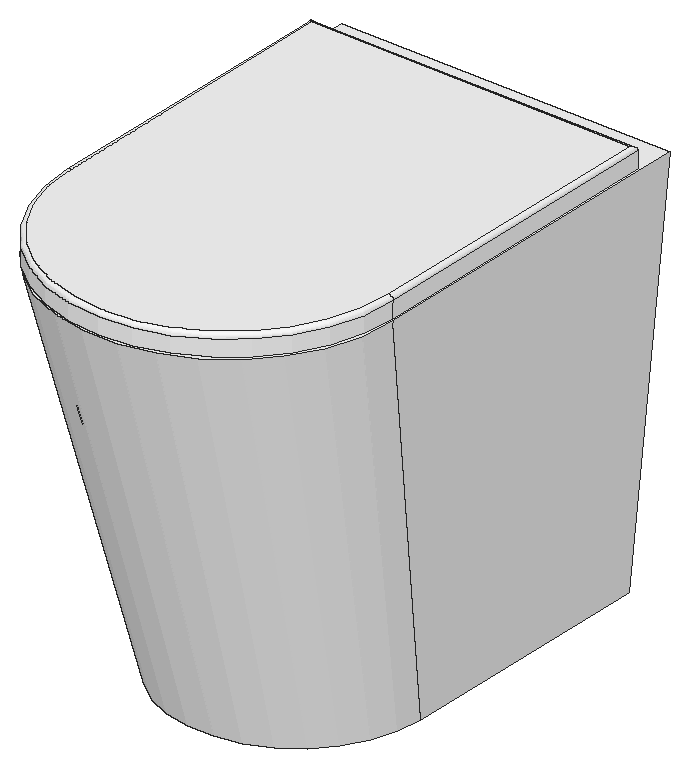
Revit family "Plum Fix_Toilet_Argent_Grace Wall Faced Hygienic Flush SP Trap", category Plumbing Fixtures, Revit 2016
Family settings
  Part Type = Normal
  Round Connector Dimension = Use Diameter
  OmniClass Number = 23.45.05.21.11
  OmniClass Title = Water Closets
  Work Plane-Based = No
  Always vertical = Yes
  Cut with Voids When Loaded = No
  Shared = No
  Room Calculation Point = No
Parameters (values of type "S-Trap")
  Waste Connection = yes
  WFU = 0
  Vent Connection = no
  URL = "https://www.argentaust.com.au/"
  Type Comments = "S-Trap"
  Trap Offset Value = 170 mm
  Trap Offset = if(Trap Offset Value < 90 mm, 90 mm, if(Trap Offset Value > 170 mm, 170 mm, Trap Offset Value))  # 170 mm
  Trap Angle = 0.00°
  Toilet Seat Visibility = yes
  Toilet S Trap = not(Toilet P Trap)  # no
  Toilet P Trap = yes
  Open Toilet Seat Visibility = not(Toilet Seat Visibility)  # no
  ModifiedIssue_ANZRS = 20190503
  Model = "8H16901S4B"  # constant formula
  Manufacturer_URL__Product Specific = "https://www.argentaust.com.au/argent-toilets-wall-faced-grace-hygienicflush-wall-faced-toilet?item=8869"
  Manufacturer_Spec Code = Model  # "8H16901S4B"
  Manufacturer_Overall Width = 360 mm  # constant formula
  Manufacturer_Overall Height = 450 mm  # constant formula
  Manufacturer_Overall Depth = 560 mm  # constant formula
  Manufacturer_Height From FFL [instance] = 0 mm
  Manufacturer = "Argent"  # constant formula
  Keynote = ""
  HWFU = 0
  HW Connection = no
  FlushingTechnology_ANZRS = ""
  Flush Material = z_Argent_Stainless Steel
  CreatedBy_ANZRS = "IGS BIM Solutions"  # constant formula
  CreatedByURL_ANZRS = "http://www.igsgroup.com.au"
  Description = "Grace Wall-Face Pan & Seat WELS 4 Star / 4.5/3 LPM"  # constant formula
  Cost = 0
  CWFU = 0
  CW Connection = yes
  Body Material = z_Argent_Ceramic White
  Assembly Code = ""
  Angle Offset = 0 mm
Reference planes
  plane 1 "Center (Front/Back)": y = -187.5
  plane 2 "Ref. Level": z = 0
  plane 3 "Front": y = -467.5
  plane 4 "Back": y = 92.5
  plane 5 "Center (Left/Right)": x = -4.48
  plane 6 "Left": x = -184.48
  plane 7 "Right": x = 175.52
  plane 8 "Bottom": z = 0
  plane 9 "Top": z = 450
  plane 10 "Toilet seat Height": z = 475
  plane 11 "Tap Offest": y = -97.5
  plane 12 "Back of WC": y = 92.5
Forms (mm)
  Revolve 1, solid, material "z_Argent_Ceramic White" <- "Body Material"
    sketch origin (-4.48, 0, 0) x (0, 1, 0) y (0, 0, 1)
      loop
        line (-142.5, -5) -> (-140, -5) -> (-140, 5) -> (-142.5, 5) -> (-142.5, -5)
      axis (-97.5, 5) -> (-97.5, -5)
    angle from 0 to 360
  Extrusion 2, solid, material "z_Argent_Ceramic White" <- "Body Material"
    sketch origin (0, 72.5, -5) x (-1, 0, 0) y (0, 0, -1)
      loop
        circle (4.48, -410) r 25
    from 0 to 1
  Extrusion 3, solid, material "z_Argent_Ceramic White" <- "Body Material"
    sketch origin (0, -97.5, 0) x (-1, 0, 0) y (0, 0, -1)
      loop
        circle (4.48, -180) r 45
      loop
        circle (4.48, -180) r 42.5
    from -5 to 5
Lines and regions (mm)
  reference lines
    curve 1: line (-4.48, -97.5, 0) -> (-4.48, -97.5, -5)
Text (mm)
  text "Disclaimer:\n\nDue to ongoing product development and manufacturing evolution, product details are subject to change without notice. Please refer to product technical data sheets on the manufacturer’s website for the most current product information. Please allow a +/- 5mm manufacturing tolerance for dimensions and set-outs shown in product literature." at (266.333, -49.877, 0), in view "Ref. Level_Instruction"
Dimensions and locks
  "Manufacturer_Overall Height": plane 9 "Top" to plane 8 "Bottom"
  "Manufacturer_Height From FFL": plane 8 "Bottom" to plane 2 "Ref. Level"
  equal spacing: plane 6 "Left", plane 5 "Center (Left/Right)", plane 7 "Right"
  "Manufacturer_Overall Width": plane 6 "Left" to plane 7 "Right"
  equal spacing: plane 3 "Front", plane 1 "Center (Front/Back)", plane 12 "Back of WC"
  "Manufacturer_Overall Depth": plane 3 "Front" to plane 12 "Back of WC"
  plane 9 "Top" to plane 10 "Toilet seat Height" = 25 mm
  "Angle Offset": curve 1 to plane 8 "Bottom"
  locked: plane 4 "Back" to plane 12 "Back of WC"
  "Trap Angle": angle plane 11 "Tap Offest" to curve 1
  aligned and locked: plane 5 "Center (Left/Right)" to nested 1
  aligned and locked: plane 3 "Front" to nested 1
  aligned and locked: plane 9 "Top" to nested 1
Automatic sketch dimensions
  Revolve 1 sketch curve to plane 11 "Tap Offest" = 0 mm
  Revolve 1 sketch curve to plane 8 "Bottom" = 0 mm
  Revolve 1 sketch curve to plane 8 "Bottom" = 5 mm
  plane 11 "Tap Offest" to Revolve 1 sketch curve = 42.5 mm
  Revolve 1 sketch curve to Revolve 1 sketch curve = 2.5 mm
  plane 8 "Bottom" to Revolve 1 sketch curve = 5 mm
  Revolve 1 sketch curve to Revolve 1 sketch curve = 2.497 mm
  Extrusion 2 sketch curve to plane 5 "Center (Left/Right)" = 0 mm
  plane 9 "Top" to Extrusion 2 sketch curve = 45 mm
  Extrusion 3 sketch curve to Extrusion 3 sketch curve = 0 mm  (x2)
  Extrusion 3 sketch curve to plane 5 "Center (Left/Right)" = 0 mm
  Extrusion 3 sketch curve to plane 8 "Bottom" = 180 mm
  curve 1 to plane 11 "Tap Offest" = 0 mm
  radius of Extrusion 2 sketch curve = 25 mm
  radius of Extrusion 3 sketch curve = 45 mm
  radius of Extrusion 3 sketch curve = 42.5 mm
Nested families
  nested 1: "z_Plum Fix_Toilet_Argent_Grace wall Faced Hygienic Flush SP Trap" at (0, 0, -20), type "Grace Wall Faced Hygienic Flush S/P Trap"
    with Manufacturer_Height From FFL 20 mm
Connectors
  piping at (-4.48, 72.5, 405), diameter 50, driven by "CW Connection"
    settings: on Extrusion 2, index 1, connector inside diameter 609.6 mm, connector length 0 mm, flow factor 0, pipe flow 0.000 L/s, pressure drop 0.0 Pa, fitting loss kfactor 0, connector angle 0.00°, fixture units 0, engagement length 0 mm, angle of deflection 0.00°, flow configuration 2, flow direction 1, fitting loss method 0, system type 20, joint type 0, gender type 0, connector reference index -1, connector utility 1, adjustable connector no, is connector primary yes, connector description "Cold Water Supply"
  piping at (-4.48, -97.5, 0), diameter 90, driven by "Waste Connection"
    settings: on curve 1, index 2, connector inside diameter 609.6 mm, connector length 0 mm, flow factor 0, pipe flow 0.000 L/s, pressure drop 0.0 Pa, fitting loss kfactor 0, connector angle 0.00°, fixture units 0, engagement length 0 mm, angle of deflection 0.00°, flow configuration 2, flow direction 2, fitting loss method 4, system type 16, joint type 0, gender type 0, connector reference index -1, connector utility 1, adjustable connector no, is connector primary no, connector description "Waste Outlet"
Definition of nested family "z_Plum Fix_Toilet_Argent_Grace wall Faced Hygienic Flush SP Trap"
  Parameters (values of type "Grace Wall Faced Hygienic Flush S/P Trap")
    Waste Connection = yes
    WFU = 0
    Vent Connection = no
    URL = "https://www.argentaust.com.au/"
    Type Comments = ""
    Toilet Seat Visibility = yes
    Toilet S Trap = not(Toilet P Trap)  # no
    Toilet P Trap = yes
    Open Toilet Seat Visibility = not(Toilet Seat Visibility)  # no
    Model = ""
    Manufacturer_Overall Width = 360 mm  # constant formula
    Manufacturer_Overall Height = 450 mm  # constant formula
    Manufacturer_Overall Depth = 560 mm  # constant formula
    Manufacturer_Height From FFL [instance] = 0 mm
    Manufacturer = "Argent"  # constant formula
    Keynote = ""
    HWFU = 0
    HW Connection = no
    FlushingTechnology_ANZRS = ""
    Flush Material = none
    CreatedBy_ANZRS = "IGS BIM Solutions"  # constant formula
    CreatedByURL_ANZRS = "https://www.igsgroup.com.au"
    Description = ""
    Cost = 0
    CWFU = 0
    CW Connection = yes
    Body Material = none
    Assembly Code = ""
  Reference planes
    plane 1 "Center (Front/Back)": y = -187.5
    plane 2 "Ref. Level": z = 0
    plane 3 "Front": y = -467.5
    plane 4 "Back of WC": y = 92.5
    plane 5 "Center (Left/Right)": x = -4.48
    plane 6 "Left": x = -184.48
    plane 7 "Right": x = 175.52
    plane 8 "Bottom": z = 0
    plane 9 "Top": z = 450
    plane 10 "Toilet seat Height": z = 475
  Forms (mm)
    Blend 1, solid, material <- "Body Material"
      base sketch origin (0, 0, 475) x (0, -1, 0) y (1, 0, 0)
        loop
          line (-92.5, -139.48) -> (192.5, -139.48)
          arc (192.5, -139.48) -> (327.5, -4.48) -> (192.5, 130.52) r 135
          line (192.5, 130.52) -> (-92.5, 130.52) -> (-92.5, -139.48)
      top sketch origin (0, 0, 475) x (0, -1, 0) y (1, 0, 0)
        loop
          arc (287.5, -184.48) -> (467.5, -4.48) -> (287.5, 175.52) r 180
          line (287.5, 175.52) -> (-92.5, 175.52) -> (-92.5, -184.48) -> (287.5, -184.48)
      from -475 to -25
    Extrusion 2, void
      sketch origin (0, 20, 475) x (0, -1, 0) y (1, 0, 0)
        loop
          arc (269.127, -157.48) -> (422.127, -4.48) -> (269.127, 148.52) r 153
          line (269.127, 148.52) -> (132.961, 148.52)
          arc (132.961, 148.52) -> (48.108, 113.373) -> (12.961, 28.52) r 120
          line (12.961, 28.52) -> (12.961, -37.48)
          arc (12.961, -37.48) -> (48.108, -122.333) -> (132.961, -157.48) r 120
          line (132.961, -157.48) -> (269.127, -157.48)
      from -205 to -25
    Blend 3, void
      base sketch origin (0, 0, 475) x (0, -1, 0) y (1, 0, 0)
        loop
          line (-92.5, -119.48) -> (192.5, -119.48)
          arc (192.5, -119.48) -> (307.5, -4.48) -> (192.5, 110.52) r 115
          line (192.5, 110.52) -> (-92.5, 110.52) -> (-92.5, -119.48)
      top sketch origin (0, 0, 475) x (0, -1, 0) y (1, 0, 0)
        loop
          arc (287.5, -164.48) -> (447.5, -4.48) -> (287.5, 155.52) r 160
          line (287.5, 155.52) -> (-92.5, 155.52) -> (-92.5, -164.48) -> (287.5, -164.48)
      from -475 to -61.61
    Sweep 4, solid, material <- "Body Material"
      path origin (0, 0, 475) x (0, -1, 0) y (1, 0, 0)
        loop
          line (112.961, -157.48) -> (249.127, -157.48)
          arc (249.127, -157.48) -> (402.127, -4.48) -> (249.127, 148.52) r 153
          line (249.127, 148.52) -> (112.961, 148.52)
          arc (112.961, 148.52) -> (28.108, 113.373) -> (-7.039, 28.52) r 120
          line (-7.039, 28.52) -> (-7.039, -37.48)
          arc (-7.039, -37.48) -> (28.108, -122.333) -> (112.961, -157.48) r 120
      profile origin (-157.48, -181.044, 475) x (-1, 0, 0) y (0, 0, 1)
        loop
          line (0, -25) -> (-1.5, -25) -> (-1.5, -178.5)
          arc (-1.5, -178.5) -> (-8.822, -196.178) -> (-26.5, -203.5) r 25
          line (-26.5, -203.5) -> (-36.5, -203.5) -> (-36.5, -205) -> (-26.5, -205)
          arc (-26.5, -205) -> (-7.762, -197.238) -> (0, -178.5) r 26.5
          line (0, -178.5) -> (0, -25)
    Extrusion 5, solid, material <- "Body Material"
      sketch origin (0, 0, 0) x (-1, 0, 0) y (0, -1, 0)
        loop
          line (120.98, 112.961) -> (120.98, 249.127)
          arc (120.98, 249.127) -> (4.48, 365.627) -> (-112.02, 249.127) r 116.5
          line (-112.02, 249.127) -> (-112.02, 112.961)
          arc (-112.02, 112.961) -> (-87.563, 53.918) -> (-28.52, 29.461) r 83.5
          line (-28.52, 29.461) -> (37.48, 29.461)
          arc (37.48, 29.461) -> (96.523, 53.918) -> (120.98, 112.961) r 83.5
        loop
          arc (24.48, 115.516) -> (31.551, 118.445) -> (34.48, 125.516) r 10
          line (34.48, 125.516) -> (34.48, 147.704)
          arc (34.48, 147.704) -> (4.48, 177.704) -> (-25.52, 147.704) r 30
          line (-25.52, 147.704) -> (-25.52, 125.516)
          arc (-25.52, 125.516) -> (-22.591, 118.445) -> (-15.52, 115.516) r 10
          line (-15.52, 115.516) -> (24.48, 115.516)
      from 270 to 271.5
    Extrusion 6, solid, material <- "Body Material"
      sketch origin (0, 0, 0) x (-1, 0, 0) y (0, -1, 0)
        loop
          arc (24.48, 115.516) -> (31.551, 118.445) -> (34.48, 125.516) r 10
          line (34.48, 125.516) -> (34.48, 147.704)
          arc (34.48, 147.704) -> (4.48, 177.704) -> (-25.52, 147.704) r 30
          line (-25.52, 147.704) -> (-25.52, 125.516)
          arc (-25.52, 125.516) -> (-22.591, 118.445) -> (-15.52, 115.516) r 10
          line (-15.52, 115.516) -> (24.48, 115.516)
        loop
          arc (24.48, 114.016) -> (32.612, 117.385) -> (35.98, 125.516) r 11.5
          line (35.98, 125.516) -> (35.98, 147.704)
          arc (35.98, 147.704) -> (4.48, 179.204) -> (-27.02, 147.704) r 31.5
          line (-27.02, 147.704) -> (-27.02, 125.516)
          arc (-27.02, 125.516) -> (-23.652, 117.385) -> (-15.52, 114.016) r 11.5
          line (-15.52, 114.016) -> (24.48, 114.016)
      from 250 to 270
    Sweep 7, solid, material <- "Body Material", visible <- "Toilet Seat Visibility"
      path origin (0, 0, 475) x (0, -1, 0) y (1, 0, 0)
        loop
          line (-49.019, -184.48) -> (287.5, -184.48)
          arc (287.5, -184.48) -> (467.5, -4.48) -> (287.5, 175.52) r 180
          line (287.5, 175.52) -> (-49.019, 175.52) -> (-49.019, -184.48)
      profile origin (-184.48, -119.24, 475) x (1, 0, 0) y (0, 0, 1)
        loop
          arc (5, 0) -> (1.464, -1.464) -> (0, -5) r 5
          line (0, -5) -> (0, -22.5) -> (25, -22.5) -> (25, 0) -> (5, 0)
    Extrusion 8, solid, material <- "Body Material", visible <- "Toilet Seat Visibility"
      sketch origin (-159.48, 24.019, 452.5) x (-1, 0, 0) y (0, 1, 0)
        loop
          line (-310, 0) -> (-310, -311.519)
          arc (-310, -311.519) -> (-155, -466.519) -> (0, -311.519) r 155
          line (0, -311.519) -> (0, 0) -> (-310, 0)
      from 0 to -22.5
  Cuts and joins
    Extrusion 2, Blend 3 cuts Blend 1
    joined: Blend 1, Sweep 4, Extrusion 5, Extrusion 6
    joined: Sweep 7, Extrusion 8
  Lines and regions (mm)
    Masking region 1, visible <- "Toilet Seat Visibility"
      outline origin (-4.48, 0, 0) x (0, 1, 0) y (0, 0, 1)
        loop
          line (49.019, 450) -> (49.019, 470)
          arc (49.019, 470) -> (47.555, 473.536) -> (44.019, 475) r 5
          line (44.019, 475) -> (-462.5, 475)
          arc (-462.5, 475) -> (-466.036, 473.536) -> (-467.5, 470) r 5
          line (-467.5, 470) -> (-467.5, 450) -> (49.019, 450)
    Masking region 2
      outline origin (-4.48, 0, 0) x (0, 1, 0) y (0, 0, 1)
        loop
          line (-327.5, 0) -> (92.5, 0) -> (92.5, 450) -> (-467.5, 450) -> (-327.5, 0)
    Masking region 3
      outline origin (0, -467.5, 0) x (-1, 0, 0) y (0, 0, 1)
        loop
          line (-130.52, 0) -> (139.48, 0) -> (184.48, 450) -> (-175.52, 450) -> (-130.52, 0)
    Masking region 4, visible <- "Toilet Seat Visibility"
      outline origin (0, -467.5, 0) x (-1, 0, 0) y (0, 0, 1)
        loop
          line (-175.52, 450) -> (184.48, 450) -> (184.48, 470)
          arc (184.48, 470) -> (183.016, 473.536) -> (179.48, 475) r 5
          line (179.48, 475) -> (-170.52, 475)
          arc (-170.52, 475) -> (-174.056, 473.536) -> (-175.52, 470) r 5
          line (-175.52, 470) -> (-175.52, 450)
    Masking region 5
      outline origin (0, 0, 475) x (0, -1, 0) y (1, 0, 0)
        loop
          line (-92.5, -184.48) -> (287.5, -184.48)
          arc (287.5, -184.48) -> (467.5, -4.48) -> (287.5, 175.52) r 180
          line (287.5, 175.52) -> (-92.5, 175.52) -> (-92.5, -184.48)
    symbolic lines, detail levels medium+fine
      curve 1: line (-4.48, 49.019, 450) -> (-4.48, -467.5, 450)
      curve 4: line (-184.547, 49.087, 475) -> (175.453, 49.087, 475)
    symbolic lines, visible <- "Toilet Seat Visibility", detail levels fine
      curve 2: line (-4.48, 49.019, 452.5) -> (-4.48, -467.5, 452.5)
      curve 3: line (-184.48, -467.5, 452.5) -> (175.52, -467.5, 452.5)
    symbolic lines, visible <- "Open Toilet Seat Visibility", detail levels medium+fine
      curve 5: line (-37.48, 5.539, 475) -> (28.52, 5.539, 475)
      curve 6: arc (28.52, 5.539, 475) -> (112.312, -29.169, 475) -> (147.02, -112.961, 475) r 118.5
      curve 7: line (147.02, -112.961, 475) -> (147.02, -249.127, 475)
      curve 8: arc (147.02, -249.127, 475) -> (-4.48, -400.627, 475) -> (-155.98, -249.127, 475) r 151.5
      curve 9: line (-155.98, -249.127, 475) -> (-155.98, -112.961, 475)
      curve 10: arc (-155.98, -112.961, 475) -> (-121.272, -29.169, 475) -> (-37.48, 5.539, 475) r 118.5
    symbolic lines, visible <- "Open Toilet Seat Visibility", detail levels fine
      curve 11: arc (15.52, -115.516, 475) -> (22.591, -118.445, 475) -> (25.52, -125.516, 475) r 10
      curve 12: line (25.52, -125.516, 475) -> (25.52, -147.704, 475)
      curve 13: arc (25.52, -147.704, 475) -> (-4.48, -177.704, 475) -> (-34.48, -147.704, 475) r 30
      curve 14: line (-34.48, -147.704, 475) -> (-34.48, -125.516, 475)
      curve 15: arc (-34.48, -125.516, 475) -> (-31.551, -118.445, 475) -> (-24.48, -115.516, 475) r 10
      curve 16: line (-24.48, -115.516, 475) -> (15.52, -115.516, 475)
  Text (mm)
    text "Disclaimer:\n\nDue to ongoing product development and manufacturing evolution, product details are subject to change without notice.\n\nPlease refer to product technical data sheets on https://www.argentaust.com.au for the most current product information. Please allow a +/- 5mm tolerance for dimensions and set-outs shown in product literature.\n\n© Argent 2018" at (266.333, -49.877, 0), in view "Ref. Level_Instruction"
  Dimensions and locks
    "Manufacturer_Overall Height": plane 9 "Top" to plane 8 "Bottom"
    "Manufacturer_Height From FFL": plane 8 "Bottom" to plane 2 "Ref. Level"
    equal spacing: plane 6 "Left", plane 5 "Center (Left/Right)", plane 7 "Right"
    "Manufacturer_Overall Width": plane 6 "Left" to plane 7 "Right"
    equal spacing: plane 3 "Front", plane 1 "Center (Front/Back)", plane 4 "Back of WC"
    "Manufacturer_Overall Depth": plane 3 "Front" to plane 4 "Back of WC"
    plane 10 "Toilet seat Height" to plane 9 "Top" = 25 mm
    aligned and locked: cut or joined group of Blend 1, Extrusion 2, Blend 3, Sweep 4, Extrusion 5, Extrusion 6 to Extrusion 5
  Automatic sketch dimensions
    Extrusion 2 sketch curve to plane 5 "Center (Left/Right)" = 0 mm
    plane 5 "Center (Left/Right)" to Extrusion 2 sketch curve = 33 mm
    plane 4 "Back of WC" to Extrusion 2 sketch curve = 85.461 mm
    Extrusion 2 sketch curve to plane 1 "Center (Front/Back)" = 74.539 mm  (x2)
    Blend 1 sketch curve to plane 7 "Right" = 0 mm
    Blend 1 sketch curve to plane 5 "Center (Left/Right)" = 0 mm  (x2)
    plane 4 "Back of WC" to Blend 1 sketch curve = 0 mm  (x2)
    plane 6 "Left" to Blend 1 sketch curve = 45 mm
    plane 4 "Back of WC" to Blend 3 sketch curve = 0 mm  (x2)
    Blend 3 sketch curve to plane 5 "Center (Left/Right)" = 0 mm  (x2)
    plane 1 "Center (Front/Back)" to Blend 3 sketch curve = 5 mm
    plane 6 "Left" to Blend 3 sketch curve = 65 mm
    plane 6 "Left" to Blend 3 sketch curve = 20 mm
    Sweep 4 sketch curve to plane 5 "Center (Left/Right)" = 0 mm
    plane 5 "Center (Left/Right)" to Sweep 4 sketch curve = 33 mm
    plane 4 "Back of WC" to Sweep 4 sketch curve = 85.461 mm
    Sweep 4 sketch curve to plane 1 "Center (Front/Back)" = 74.539 mm
    Sweep 4 sketch curve to plane 5 "Center (Left/Right)" = 33 mm
    plane 1 "Center (Front/Back)" to Sweep 4 sketch curve = 61.627 mm
    Sweep 4 sketch curve to plane 10 "Toilet seat Height" = 25 mm
    Sweep 4 sketch curve to profile plane = 0 mm
    profile plane to Sweep 4 sketch curve = 1.5 mm
    profile plane to Sweep 4 sketch curve = 26.5 mm
    Sweep 4 sketch curve to Sweep 4 sketch curve = 0 mm  (x2)
    Sweep 4 sketch curve to Sweep 4 sketch curve = 10 mm
    Sweep 4 sketch curve to Sweep 4 sketch curve = 153.5 mm
    Extrusion 5 sketch curve to plane 5 "Center (Left/Right)" = 0 mm  (x2)
    plane 5 "Center (Left/Right)" to Extrusion 5 sketch curve = 20 mm
    Extrusion 5 sketch curve to Extrusion 5 sketch curve = 10 mm  (x2)
    plane 5 "Center (Left/Right)" to Extrusion 5 sketch curve = 33 mm
    plane 7 "Right" to Extrusion 5 sketch curve = 63.5 mm
    Extrusion 5 sketch curve to Extrusion 5 sketch curve = 3 mm
    plane 4 "Back of WC" to Extrusion 5 sketch curve = 121.961 mm
    Extrusion 5 sketch curve to Extrusion 5 sketch curve = 2.555 mm
    Extrusion 5 sketch curve to Extrusion 5 sketch curve = 22.188 mm
    plane 1 "Center (Front/Back)" to Extrusion 5 sketch curve = 61.627 mm
    Extrusion 6 sketch curve to plane 5 "Center (Left/Right)" = 0 mm
    plane 5 "Center (Left/Right)" to Extrusion 6 sketch curve = 20 mm
    Extrusion 6 sketch curve to Extrusion 6 sketch curve = 10 mm  (x2)
    Extrusion 6 sketch curve to plane 1 "Center (Front/Back)" = 71.984 mm
    Extrusion 6 sketch curve to Extrusion 6 sketch curve = 22.188 mm
    Extrusion 6 sketch curve to Extrusion 6 sketch curve = 0 mm  (x5)
    Extrusion 6 sketch curve to Extrusion 6 sketch curve = 1.5 mm
    Sweep 7 sketch curve to plane 6 "Left" = 0 mm
    Sweep 7 sketch curve to plane 7 "Right" = 0 mm
    plane 4 "Back of WC" to Sweep 7 sketch curve = 43.481 mm
    plane 1 "Center (Front/Back)" to Sweep 7 sketch curve = 100 mm
    profile plane to Sweep 7 sketch curve = 0 mm
    Sweep 7 sketch curve to plane 10 "Toilet seat Height" = 0 mm
    Sweep 7 sketch curve to Sweep 7 sketch curve = 5 mm
    Sweep 7 sketch curve to Sweep 7 sketch curve = 20 mm
    Sweep 7 sketch curve to Sweep 7 sketch curve = 17.5 mm
    Extrusion 8 sketch curve to Sweep 7 = 0 mm  (x3)
    Sweep 7 to Extrusion 8 sketch curve = 311.519 mm
    plane 1 "Center (Front/Back)" to Blend 1 sketch curve = 5 mm
    plane 1 "Center (Front/Back)" to Blend 1 sketch curve = 100 mm
    plane 1 "Center (Front/Back)" to Extrusion 2 sketch curve = 61.627 mm
    plane 1 "Center (Front/Back)" to Blend 3 sketch curve = 100 mm
    Masking region 1 sketch curve to plane 10 "Toilet seat Height" = 0 mm
    Masking region 1 sketch curve to plane 3 "Front" = 5 mm
    Masking region 1 sketch curve to Masking region 1 sketch curve = 5 mm
    curve 1 to plane 3 "Front" = 0 mm
    curve 2 to plane 3 "Front" = 0 mm
    curve 1 to plane 9 "Top" = 0 mm
    plane 9 "Top" to curve 2 = 2.5 mm
    plane 4 "Back of WC" to curve 2 = 43.481 mm
    curve 1 to curve 2 = 0 mm
    Masking region 2 sketch curve to plane 3 "Front" = 0 mm
    Masking region 2 sketch curve to plane 8 "Bottom" = 0 mm
    Masking region 2 sketch curve to plane 4 "Back of WC" = 0 mm
    Masking region 2 sketch curve to plane 9 "Top" = 0 mm
    plane 1 "Center (Front/Back)" to Masking region 2 sketch curve = 140 mm
    plane 4 "Back of WC" to Masking region 1 sketch curve = 43.481 mm
    Masking region 1 sketch curve to plane 9 "Top" = 0 mm
    Masking region 1 sketch curve to plane 3 "Front" = 0 mm
    plane 7 "Right" to Masking region 3 sketch curve = 0 mm
    Masking region 3 sketch curve to plane 8 "Bottom" = 0 mm
    Masking region 3 sketch curve to plane 6 "Left" = 0 mm
    Masking region 3 sketch curve to plane 9 "Top" = 0 mm
    plane 6 "Left" to Masking region 3 sketch curve = 45 mm
    plane 7 "Right" to Masking region 3 sketch curve = 45 mm
    plane 7 "Right" to Masking region 4 sketch curve = 0 mm
    Masking region 4 sketch curve to plane 10 "Toilet seat Height" = 0 mm
    Masking region 4 sketch curve to plane 6 "Left" = 0 mm
    Masking region 4 sketch curve to plane 9 "Top" = 0 mm
    plane 7 "Right" to Masking region 4 sketch curve = 5 mm
    plane 6 "Left" to Masking region 4 sketch curve = 5 mm
    plane 7 "Right" to curve 3 = 0 mm
    curve 3 to plane 6 "Left" = 0 mm
    curve 3 to plane 9 "Top" = 2.5 mm
    plane 1 "Center (Front/Back)" to Masking region 5 sketch curve = 100 mm
    Masking region 5 sketch curve to plane 4 "Back of WC" = 0 mm
    Masking region 5 sketch curve to plane 6 "Left" = 0 mm
    Masking region 5 sketch curve to plane 7 "Right" = 0 mm
    plane 7 "Right" to curve 4 = 0.067 mm
    plane 4 "Back of WC" to curve 4 = 43.413 mm
    curve 4 to plane 6 "Left" = 0.067 mm
    curve 8 to plane 5 "Center (Left/Right)" = 0 mm
    plane 4 "Back of WC" to curve 5 = 86.961 mm
    plane 7 "Right" to curve 7 = 28.5 mm
    curve 7 to plane 1 "Center (Front/Back)" = 74.539 mm
    curve 10 to plane 5 "Center (Left/Right)" = 33 mm
    plane 1 "Center (Front/Back)" to curve 8 = 61.627 mm
    curve 13 to plane 5 "Center (Left/Right)" = 0 mm
    curve 10 to curve 16 = 2.555 mm
    curve 16 to curve 11 = 10 mm
    curve 16 to curve 15 = 10 mm
    curve 15 to curve 14 = 22.187 mm
    curve 14 to plane 5 "Center (Left/Right)" = 30 mm
